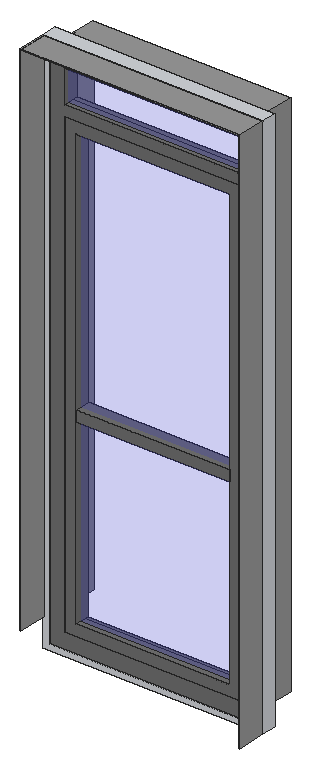
Revit family "AVLN_Балконный блок", category Окна, Revit 2021
Family settings
  Основа = Стена
  Номер OmniClass = 23.30.20.00
  Заголовок OmniClass = Windows
  Всегда вертикально = Да
  При загрузке вырезать с полостями = Нет
  Общий = Нет
  Точка принадлежности помещению = Нет
Parameters (values of type "Для Копирования!")
  Ширина среднействорки = 400 mm
  Ширина рамы двери = 50 mm
  Ширина рамы = 70 mm
  Ширина окна = 1800 mm
  Ширина импоста = 50 mm
  Четверть слева/справа = 50 mm
  Четверть окна снизу = 50 mm
  Четверть низ = 0 mm  # constant formula
  Черверть верх = 50 mm
  Фрамуга_Ширина = Width - (Монтажный зазор_Слева + Монтажный зазор_Справа + Ширина рамы * 2)  # 800 mm
  Фрамуга_Высота = Height - (Дверь_Высота + Монтажный зазор_Снизу + Монтажный зазор_Сверху + Ширина рамы * 2 + Ширина импоста)  # 150 mm
  Толщина основы [instance] = 300 mm
  Створка_толщина = 25 mm  # constant formula
  Rough Width = Width - Монтажный зазор_Слева - Монтажный зазор_Справа  # 940 mm
  Rough Height = Height - Монтажный зазор_Сверху - Монтажный зазор_Снизу  # 2440 mm
  Подстановочный профиль_Ширина = 20 mm  # constant formula
  Подстановочный профиль_Толщина = 50 mm
  Подоконник_Толщина = 20 mm
  Подоконник_Длина = Ширина окна + Ширина рамы * 2 + (Монтажный зазор_Слева + Монтажный зазор_Справа) / 2  # 1970 mm
  Подоконник_Глубина = 190 mm
  Подоконник = no
  Отступ.доп.части_Н = Ширина окна + Ширина импоста  # 1850 mm
  Отступ.доп.части_В = Ширина окна + Ширина импоста + (Монтажный зазор_Слева + Монтажный зазор_Справа) / 2  # 1880 mm
  Отлив_Толщина = 1 mm  # constant formula
  Отлив_Длина = (Ширина окна + Ширина рамы * 2 + (Монтажный зазор_Слева + Монтажный зазор_Справа) / 2) - [Четверть слева/справа]  # 1920 mm
  Отлив_Глубина = 200 mm
  Отлив = no
  Открывание фрамуга = АВЛН_Створка открывная : Створка глухая
  Открывание окно = АВЛН_Створка открывная : Створка глухая
  Откос_Н.Ширина = ADSK_Размер_Ширина - 2 * [Четверть слева/справа]  # 900 mm
  Откос_Н.Толщина.8 = 32 mm
  Откос_Н.Толщина.7 = 28 mm
  Откос_Н.Толщина.6 = 24 mm
  Откос_Н.Толщина.5 = 20 mm
  Откос_Н.Толщина.4 = 16 mm
  Откос_Н.Толщина.3 = 12 mm
  Откос_Н.Толщина.2 = 8 mm
  Откос_Н.Толщина.1 = 4 mm
  Откос_Н.Отступ_П = ADSK_Размер_Высота - (Монтажный зазор_Справа + 2 * Ширина рамы + Высота окна)  # 130 mm
  Откос_Н.Отступ_Л = Монтажный зазор_Слева  # 30 mm
  Откос_Н.Отступ от уровня = Монтажный зазор_Снизу  # 30 mm
  Откос_Н.Количество слоев = 1
  Откос_Н.Глубина = 150 mm  # constant formula
  Откос_Н.Высота = ADSK_Размер_Высота - Черверть верх  # 2450 mm
  Откос_В.Толщина.8 = 32 mm
  Откос_В.Толщина.7 = 28 mm
  Откос_В.Толщина.6 = 24 mm
  Откос_В.Толщина.5 = 20 mm
  Откос_В.Толщина.4 = 16 mm
  Откос_В.Толщина.3 = 12 mm
  Откос_В.Толщина.2 = 8 mm
  Откос_В.Толщина.1 = 4 mm
  Откос_В.Количество слоев = 1
  Откос_В.Глубина = 130 mm
  Откос.Отступ_П [instance] = ADSK_Размер_Высота - (Монтажный зазор_Справа + 2 * Ширина рамы + Высота окна)  # 130 mm
  Откос.Отступ_Л [instance] = 0 mm
  Определить тепловые свойства по = Тип схем
  Монтажный зазор_Справа = 30 mm
  Монтажный зазор_Снизу = 30 mm
  Монтажный зазор_Слева = 30 mm
  Монтажный зазор_Сверху = 30 mm
  М.Стекла = Стекло
  М.Рамы = AVLN_Материал импоста_RAL 7024
  М.Подоконный профиль = Рама
  М.Подоконник = none
  М.Откос_Н.8 = none
  М.Откос_Н.7 = none
  М.Откос_Н.6 = none
  М.Откос_Н.5 = none
  М.Откос_Н.4 = none
  М.Откос_Н.3 = none
  М.Откос_Н.2 = none
  М.Откос_Н.1 = Штукатурка наружных откосов
  М.Откос_В.8 = none
  М.Откос_В.7 = none
  М.Откос_В.6 = none
  М.Откос_В.5 = none
  М.Откос_В.4 = none
  М.Откос_В.3 = none
  М.Откос_В.2 = none
  М.Откос_В.1 = Штукатурка внутренних откосов
  М.Монтажного зазора = none
  Type Comments = ""
  Ипост высота = 900 mm
  Дверь_Ширина = 740 mm
  Дверь_Высота = 2100 mm
  Дверь.Открывание.Право = yes
  Дверь.Открывание.Лево = not(Дверь.Открывание.Право)  # no
  Дверь.Откидывание = yes
  Дверь заполнение = АВЛН_Дверь балконная : Остекленная с импостом
  Глубина вставки = 0 mm
  Высота установки ручки.Дверь = 900 mm
  Высота подоконника по умолчанию = 0 mm
  Высота окна = 2200 mm
  Height = 2500 mm
  Замыкание стены = По основе
  Width = 1000 mm
  Аналитическая конструкция = "<Нет>"
  АВЛН_Площаль откосов наружных = (ADSK_Размер_Высота * 2 + ADSK_Размер_Ширина) * 150 mm  # 0.90 m²
  АВЛН_Площаль откосов внутренних = (ADSK_Размер_Высота * 2 + ADSK_Размер_Ширина) * 180 mm  # 1.08 m²
  ADSK_Этаж [instance] = ""
  ADSK_Размер_Ширина = Width  # 1000 mm
  ADSK_Размер_Высота = Height  # 2500 mm
  ADSK_Примечание [instance] = ""
  ADSK_Обозначение = "ГОСТ 30674-99 ГОСТ 30970-2014"
  ADSK_Номер секции [instance] = ""
  ADSK_Наименование = ""
  ADSK_Марка = "ДБ-1"
  ADSK_Группирование = ""
  30/90 = yes
  -----------Разрезка----------- = "-----------"  # constant formula
  -----------Профили----------- = "-----------"  # constant formula
  -----------Подоконник----------- = "-----------"  # constant formula
  -----------Отлив----------- = "-----------"  # constant formula
  -----------Откос----------- = "-----------"  # constant formula
  -----------Основные габариты----------- = "-----------"  # constant formula
  -----------Вставка----------- = "-----------"  # constant formula
Reference planes
  plane 1 "По центру (Вперед/Назад)": y = 0
  plane 2 "По центру (Влево/Вправо)": x = 0
  plane 3 "Наружный": y = 150
  plane 4 "Внутренние": y = -150
  plane 5 "Окно": y = 150
  plane 6: y = 450
  plane 7: y = -450
  plane 8 "Внутренняя граница": y = 80
  plane 9 "336": x = 500
  plane 10 "339": z = 2500
  plane 11: z = 2470
  plane 12: x = 470
  plane 13: z = 30
  plane 14: x = 450
  plane 15: z = 1150
  plane 16: z = 2450
  plane 17 "340": z = 0
  plane 18: z = 2400
  plane 19: x = -400
  plane 20: x = -470
  plane 21: x = -500
  plane 22: x = -450
  plane 23 "343": x = 400
  plane 24: z = 2200
  plane 25: z = 100
  plane 26: z = 2250
  plane 27: z = 2325
Forms (mm)
  Extrusion 1, void
    sketch origin (0, 150, 0) x (1, 0, 0) y (0, 0, 1)
      loop
        line (500, 2500) -> (-500, 2500) -> (-500, 0) -> (500, 0) -> (500, 2500)
    from 0 to 600
  Extrusion 2, void
    sketch origin (-1890, 150, 0) x (-1, 0, 0) y (0, 0, -1)
      loop
        line (-1440, -2450) -> (-1440, 0) -> (-2340, 0) -> (-2340, -2450) -> (-1440, -2450)
    from -300 to 0
  Extrusion 3, solid, material "AVLN_Материал импоста_RAL 7024" <- "М.Рамы", detail levels medium+fine
    sketch origin (-1890, 150, 0) x (-1, 0, 0) y (0, 0, -1)
      loop
        line (-1420, -30) -> (-2360, -30) -> (-2360, -2470) -> (-1420, -2470) -> (-1420, -30)
      loop
        line (-2290, -100) -> (-2290, -2200) -> (-1490, -2200) -> (-1490, -100) -> (-2290, -100)
      loop
        line (-1490, -2400) -> (-1490, -2250) -> (-2290, -2250) -> (-2290, -2400) -> (-1490, -2400)
    from 0 to 70
  Extrusion 4, solid, material <- "М.Монтажного зазора", detail levels medium+fine
    sketch origin (-1890, -150, 0) x (-1, 0, 0) y (0, 0, -1)
      loop
        line (-2390, 0) -> (-2390, -2500) -> (-1390, -2500) -> (-1390, 0) -> (-2390, 0)
      loop
        line (-1420, -2470) -> (-1420, -30) -> (-2360, -30) -> (-2360, -2470) -> (-1420, -2470)
    from -300 to -230
Cuts and joins
  Extrusion 2 cuts Extrusion 3
  Extrusion 2 cuts Extrusion 4
Lines and regions (mm)
  reference lines
    curve 1: line (500, -150, 2225) -> (-450, -150, 2225)
    curve 2: line (500, -150, 1000) -> (-450, -150, 1000)
Text (mm)
  text "EXTERIOR" at (-1963.203, 1332.353, 0), in view "Опорный уровень"
  text "INTERIOR" at (-1981.466, -818.386, 0), in view "Опорный уровень"
  text "Наружный" at (0, 923.751, 2943.296), in view "Справа"
  text "Наружный" at (0, 1240.237, 2685.409), in view "Слева"
Dimensions and locks
  locked: plane 3 "Наружный" to host wall
  locked: plane 4 "Внутренние" to host wall
  "Глубина вставки": plane 5 "Окно" to plane 3 "Наружный"
  locked: plane 3 "Наружный" to plane 6 at 300
  locked: plane 7 to plane 4 "Внутренние" at 300
  "Ширина рамы": plane 5 "Окно" to plane 8 "Внутренняя граница"
  "Толщина основы": host wall to host wall
  "ADSK_Размер_Высота": level to plane 10 "339"
  "Монтажный зазор_Справа": plane 9 "336" to plane 12
  "Монтажный зазор_Сверху": plane 11 to plane 10 "339"
  "Четверть слева/справа": plane 9 "336" to plane 14
  "Черверть верх": plane 16 to plane 10 "339"
  "Ширина рамы": plane 18 to plane 11
  "Монтажный зазор_Слева": plane 20 to plane 21
  "Ширина рамы": plane 19 to plane 20
  "Четверть слева/справа": plane 22 to plane 21
  "Ширина рамы": plane 12 to plane 23 "343"
  equal spacing: plane 23 "343", plane 2 "По центру (Влево/Вправо)", plane 19
  equal spacing: plane 24, plane 15, plane 25
  "Ширина рамы": plane 25 to plane 13
  "Ширина импоста": plane 26 to plane 24
  equal spacing: plane 26, curve 1, plane 24
  equal spacing: plane 18, plane 27, plane 26
  "Дверь_Высота": plane 24 to plane 25
  "Width": plane 9 "336" to plane 21
  level to plane 15 to plane 10 "339" = 1150 mm, 1350 mm
  "Монтажный зазор_Снизу": level to plane 13
  aligned and locked: plane 5 "Окно" to Extrusion 1
  aligned and locked: Extrusion 1 to plane 7
  aligned and locked: Extrusion 2 sketch curve to plane 14
  aligned and locked: plane 16 to Extrusion 2 sketch curve
  aligned and locked: Extrusion 2 sketch curve to plane 17 "340"
  aligned and locked: Extrusion 2 sketch curve to plane 22
  aligned and locked: Extrusion 3 sketch curve to plane 20
  aligned and locked: plane 13 to Extrusion 3 sketch curve
  aligned and locked: Extrusion 3 sketch curve to plane 12
  aligned and locked: plane 11 to Extrusion 3 sketch curve
  aligned and locked: Extrusion 3 sketch curve to plane 19
  aligned and locked: Extrusion 4 sketch curve to plane 9 "336"
  aligned and locked: Extrusion 4 sketch curve to plane 17 "340"
  aligned and locked: plane 21 to Extrusion 4 sketch curve
  aligned and locked: plane 10 "339" to Extrusion 4 sketch curve
  aligned and locked: Extrusion 4 sketch curve to plane 11
  aligned and locked: Extrusion 4 sketch curve to plane 12
  aligned and locked: plane 13 to Extrusion 4 sketch curve
  aligned and locked: Extrusion 4 sketch curve to plane 20
  aligned and locked: plane 23 "343" to Extrusion 3
  aligned and locked: Extrusion 3 to plane 25
  aligned and locked: curve 1 to plane 9 "336"
  aligned and locked: nested 4 to plane 12
  aligned and locked: nested 3 to plane 22
  aligned and locked: Extrusion 1 sketch curve to plane 10 "339"
  aligned and locked: plane 9 "336" to Extrusion 1 sketch curve
  aligned and locked: Extrusion 1 sketch curve to plane 17 "340"
  aligned and locked: plane 27 to nested 5
  aligned and locked: plane 21 to Extrusion 1 sketch curve
  aligned and locked: nested 4 to plane 8 "Внутренняя граница"
  aligned and locked: plane 8 "Внутренняя граница" to nested 3
  aligned and locked: Extrusion 2 to plane 5 "Окно"
  aligned and locked: Extrusion 3 to plane 8 "Внутренняя граница"
  aligned and locked: plane 5 "Окно" to Extrusion 3
  aligned and locked: plane 5 "Окно" to Extrusion 4
  aligned and locked: Extrusion 4 to plane 8 "Внутренняя граница"
  aligned and locked: Extrusion 2 to plane 22
  aligned and locked: plane 14 to Extrusion 2
  aligned and locked: plane 6 to Extrusion 2
  aligned and locked: plane 15 to nested 6
  aligned and locked: plane 2 "По центру (Влево/Вправо)" to nested 6
  aligned and locked: nested 7 to plane 2 "По центру (Влево/Вправо)"
  aligned and locked: plane 10 "339" to nested 7
  aligned and locked: plane 2 "По центру (Влево/Вправо)" to nested 2
  aligned and locked: plane 2 "По центру (Влево/Вправо)" to nested 1
  aligned and locked: nested 2 to plane 5 "Окно"
  aligned and locked: plane 8 "Внутренняя граница" to nested 1
Automatic sketch dimensions
  curve 2 to plane 9 "336" = 0 mm
  Extrusion 3 sketch curve to plane 23 "343" = 0 mm  (x2)
  Extrusion 3 sketch curve to plane 19 = 0 mm
  plane 24 to curve 1 = 25 mm
  Extrusion 3 sketch curve to plane 25 = 0 mm
  Extrusion 3 sketch curve to plane 24 = 0 mm
  Extrusion 3 sketch curve to plane 26 = 0 mm
  Extrusion 3 sketch curve to plane 18 = 0 mm
  curve 2 to plane 15 = 150 mm
  curve 1 to plane 22 = 0 mm
  curve 2 to plane 22 = 0 mm
Nested families
  nested 1: "AVLN_Откосы_R19" at (0, -50, 0), Ширина <- "ADSK_Размер_Ширина", Глубина <- "Откос_В.Глубина", Высота <- "ADSK_Размер_Высота", Высота от уровня <- "Высота подоконника по умолчанию", ADSK_Группирование <- "Type Comments", ADSK_Этаж <- "ADSK_Этаж", ADSK_Номер секции <- "ADSK_Номер секции", Материал_1 <- "М.Откос_В.1", Материал_2 <- "М.Откос_В.2", Материал_3 <- "М.Откос_В.3", Материал_4 <- "М.Откос_В.4", Материал_5 <- "М.Откос_В.5", Материал_6 <- "М.Откос_В.6", Материал_7 <- "М.Откос_В.7", Материал_8 <- "М.Откос_В.8", Толщина_1 <- "Откос_В.Толщина.1", Толщина_2 <- "Откос_В.Толщина.2", Толщина_3 <- "Откос_В.Толщина.3", Толщина_4 <- "Откос_В.Толщина.4", Толщина_5 <- "Откос_В.Толщина.5", Толщина_6 <- "Откос_В.Толщина.6", Толщина_7 <- "Откос_В.Толщина.7", Толщина_8 <- "Откос_В.Толщина.8", Количество слоев <- "Откос_В.Количество слоев", Отступ_Л <- "Откос.Отступ_П", Отступ_П <- "Откос.Отступ_Л", Отступ.доп.части <- "Отступ.доп.части_В", type "AVLN_Откосы_R19"
    with Ширина_8 776 mm, Ширина_7 832 mm, Ширина_6 880 mm, Ширина_5 920 mm, Ширина_4 952 mm, Ширина_3 976 mm, Ширина_2 992 mm, Ширина 1000 mm, Толщина_8 32 mm, Толщина_7 28 mm, Толщина_6 24 mm, Толщина_5 20 mm, Толщина_4 16 mm, Толщина_3 12 mm, Толщина_2 8 mm, Толщина_1 4 mm, Отступ_П 0 mm, Отступ_Л 130 mm, Отступ.доп.части 1880 mm, Материал_8 none, Материал_7 none, Материал_6 none, Материал_5 none, Материал_4 none, Материал_3 none, Материал_2 none, Материал_1 Штукатурка внутренних откосов, Количество слоев 1, Глубина 130 mm, Высота_8 2388 mm, Высота_7 2416 mm, Высота_6 2440 mm, Высота_5 2460 mm, Высота_4 2476 mm, Высота_3 2488 mm, Высота_2 2496 mm, Высота.доп.части 0 mm, Высота от уровня 0 mm, Высота 2500 mm, Видимость_8 no, Видимость_7 no, Видимость_6 no, Видимость_5 no, Видимость_4 no, Видимость_3 no, Видимость_2 no, Видимость_1 yes, Видимость.доп.части yes, ВД.8 no, ВД.7 no, ВД.6 no, ВД.5 no, ВД.4 no, ВД.3 no, ВД.2 no, ВД.1 yes, ADSK_Этаж "", ADSK_Номер секции "", ADSK_Группирование ""
  nested 2: "AVLN_Откосы_R19" at (0, 150, 0), Ширина <- "Откос_Н.Ширина", Глубина <- "Откос_Н.Глубина", Высота <- "Откос_Н.Высота", Высота от уровня <- "Откос_Н.Отступ от уровня", ADSK_Группирование <- "Type Comments", ADSK_Этаж <- "ADSK_Этаж", ADSK_Номер секции <- "ADSK_Номер секции", Материал_1 <- "М.Откос_Н.1", Материал_2 <- "М.Откос_Н.2", Материал_3 <- "М.Откос_Н.3", Материал_4 <- "М.Откос_Н.4", Материал_5 <- "М.Откос_Н.5", Материал_6 <- "М.Откос_Н.6", Материал_7 <- "М.Откос_Н.7", Материал_8 <- "М.Откос_Н.8", Толщина_1 <- "Откос_Н.Толщина.1", Толщина_2 <- "Откос_Н.Толщина.2", Толщина_3 <- "Откос_Н.Толщина.3", Толщина_4 <- "Откос_Н.Толщина.4", Толщина_5 <- "Откос_Н.Толщина.5", Толщина_6 <- "Откос_Н.Толщина.6", Толщина_7 <- "Откос_Н.Толщина.7", Толщина_8 <- "Откос_Н.Толщина.8", Количество слоев <- "Откос_Н.Количество слоев", Отступ_Л <- "Откос_Н.Отступ_П", Отступ_П <- "Откос_Н.Отступ_Л", Отступ.доп.части <- "Отступ.доп.части_Н", type "AVLN_Откосы_R19"
    with Ширина_8 676 mm, Ширина_7 732 mm, Ширина_6 780 mm, Ширина_5 820 mm, Ширина_4 852 mm, Ширина_3 876 mm, Ширина_2 892 mm, Ширина 900 mm, Толщина_8 32 mm, Толщина_7 28 mm, Толщина_6 24 mm, Толщина_5 20 mm, Толщина_4 16 mm, Толщина_3 12 mm, Толщина_2 8 mm, Толщина_1 4 mm, Отступ_П 30 mm, Отступ_Л 130 mm, Отступ.доп.части 1850 mm, Материал_8 none, Материал_7 none, Материал_6 none, Материал_5 none, Материал_4 none, Материал_3 none, Материал_2 none, Материал_1 Штукатурка наружных откосов, Количество слоев 1, Глубина 150 mm, Высота_8 2338 mm, Высота_7 2366 mm, Высота_6 2390 mm, Высота_5 2410 mm, Высота_4 2426 mm, Высота_3 2438 mm, Высота_2 2446 mm, Высота.доп.части 0 mm, Высота от уровня 30 mm, Высота 2450 mm, Видимость_8 no, Видимость_7 no, Видимость_6 no, Видимость_5 no, Видимость_4 no, Видимость_3 no, Видимость_2 no, Видимость_1 yes, Видимость.доп.части yes, ВД.8 no, ВД.7 no, ВД.6 no, ВД.5 no, ВД.4 no, ВД.3 no, ВД.2 no, ВД.1 yes, ADSK_Этаж "", ADSK_Номер секции "", ADSK_Группирование ""
  nested 3: "АС-Обозначение на плане двупольная" at (-450, 80, 0) x (-1, 0, 0) z (0, 0, 1), Коробка.Толщина <- "Ширина рамы", Коробка.Ширина <- "Ширина импоста", Rough Width <- "Дверь_Ширина", Height <- "Дверь_Высота", visible <- "Дверь.Открывание.Лево", type "АС-Стандарт"
    with Width 791 mm, built-in parameter 1001302 50 mm, Rough Width 740 mm, Монтажный зазор.Ширина сбоку 1 mm, Коробка.Ширина 50 mm, Коробка.Толщина 70 mm, Height 2100 mm
  nested 4: "АС-Обозначение на плане двупольная" at (470, 80, 0), Коробка.Толщина <- "Ширина рамы", Коробка.Ширина <- "Ширина импоста", Rough Width <- "Дверь_Ширина", Height <- "Дверь_Высота", visible <- "Дверь.Открывание.Право", type "АС-Стандарт"
    with Width 791 mm, built-in parameter 1001302 50 mm, Rough Width 740 mm, Монтажный зазор.Ширина сбоку 1 mm, Коробка.Ширина 50 mm, Коробка.Толщина 70 mm, Height 2100 mm
  nested 5: "АВЛН_Створка открывная" at (0, 80, 2325) x (1, 0, 0) z (0, 1, 0), Створка высота <- "Фрамуга_Высота", Створка ширина <- "Фрамуга_Ширина", Ширина рамы <- "Створка_толщина", type <- "Открывание фрамуга", Материал_Рама <- "М.Рамы", Материал_Стеклопакет <- "М.Стекла", Материал_Ручки <- "М.Рамы", type "Створка глухая", detail levels medium+fine
    with Ширина рамы 25 mm, Створка ширина 800 mm, Створка высота 150 mm, Материал_Стеклопакет Стекло, Материал_Ручки AVLN_Материал импоста_RAL 7024, Материал_Рама AVLN_Материал импоста_RAL 7024, Width 600 mm, Height 1150 mm
  nested 6: "АВЛН_Дверь балконная" at (0, 150, 1150) x (-1, 0, 0) z (0, -1, 0), Дверь высота <- "Дверь_Высота", Дверь ширина <- "Фрамуга_Ширина", Ручка высота <- "Высота установки ручки.Дверь", Импост высота <- "Ипост высота", Импост ширина <- "Ширина импоста", Корбка толщина <- "Ширина рамы двери", type <- "Дверь заполнение", Правая <- "Дверь.Открывание.Лево", Левая <- "Дверь.Открывание.Право", Откидная <- "Дверь.Откидывание", М.ПП <- "М.Рамы", М.Р <- "М.Рамы", М.С <- "М.Стекла", type "Остекленная с импостом", detail levels medium+fine
    with Ручка высота 900 mm, Правая no, Откидная yes, М.С Стекло, М.Р AVLN_Материал импоста_RAL 7024, М.ПП AVLN_Материал импоста_RAL 7024, Левая yes, Корбка толщина 50 mm, Импост ширина 50 mm, Импост высота 900 mm, Дверь ширина 800 mm, Дверь высота 2100 mm
  nested 7: "AVLN_Обозначение проема" at (0, 150, 1250) x (0, 0, -1) z (0, -1, 0), ADSK_Размер_Высота <- "ADSK_Размер_Ширина", ADSK_Размер_Ширина <- "ADSK_Размер_Высота", type "AVLN_Обозначение проема", detail levels coarse
    with Длина 200 mm, ADSK_Размер_Ширина 2500 mm, ADSK_Размер_Высота 1000 mm
  nested 8: "Откос_R19" at (0, 15, 0), type "Откос_R19"
    with Площадь 0.78 m², Отступ_П 0 mm, Отступ_Л 130 mm, Материал Штукатурка внутренних откосов, Видимость yes, ADSK_Этаж "", ADSK_Размер_Ширина 1000 mm, ADSK_Размер_Толщина 4 mm, ADSK_Размер_Глубина 130 mm, ADSK_Размер_Высота 2500 mm, ADSK_Номер секции "", ADSK_Группирование ""
  nested 9: "Откос_R19" at (0, 225, 30), type "Откос_R19"
    with Площадь 0.87 m², Отступ_П 30 mm, Отступ_Л 130 mm, Материал Штукатурка наружных откосов, Видимость yes, ADSK_Этаж "", ADSK_Размер_Ширина 900 mm, ADSK_Размер_Толщина 4 mm, ADSK_Размер_Глубина 150 mm, ADSK_Размер_Высота 2450 mm, ADSK_Номер секции "", ADSK_Группирование ""
Definition of nested family "АВЛН_Створка открывная"
  Parameters (values of type "Створка повороно-откидная правая")
    Ширина рамы [instance] = 50 mm
    Width = 1600 mm
    Створка ширина [instance] = 800 mm
    Створка высота [instance] = 700 mm
    Define Thermal Properties by = 1
    Материал_Стеклопакет [instance] = none
    Поворотная Правая = yes
    Поворотная Левая = no
    Default Elevation = 1200 mm
    Открываная = yes
    Откидная = yes
    Материал_Ручки [instance] = none
    Материал_Рама [instance] = none
    Левая = yes
    Глухое = no
    Height = 1800 mm
    Analytic Construction = "<Нет>"
  Types (6, lengths in mm): name | Поворотная Правая | Поворотная Левая | Default Elevation | Открываная | Откидная | Глухое
    Створка повороно-откидная правая | yes | no | 1200 | yes | yes | no
    Створка повороно-откидная левая | no | yes | 1219.2 | yes | yes | no
    Створка глухая | no | no | 1219.2 | no | no | yes
    Створка откидная | no | no | 1219.2 | yes | yes | no
    Створка поворотная правая | yes | no | 1219.2 | yes | no | no
    Створка поворотная левая | no | yes | 1219.2 | yes | no | no
  Reference planes
    plane 1 "По центру (Вперед/Назад)": y = 0
    plane 2 "Внутрення грань": z = 0
    plane 3 "По центру (Влево/Вправо)": x = 0
    plane 4: y = 350
    plane 5: x = 400
    plane 6: y = -350
    plane 7: x = -400
    plane 8 "Наружняя грань": z = 60.433
    plane 9 "По центру Л/Р": z = 30.216
  Forms (mm)
    Extrusion 1, solid
      sketch origin (0, 0, 0) x (1, 0, 0) y (0, 1, 0)
        loop
          line (-1219.2, 1219.2) -> (-1219.2, -1219.2) -> (1219.2, -1219.2) -> (1219.2, 1219.2) -> (-1219.2, 1219.2)
      from 0 to -304.8
    Sweep 2, solid, material <- "Материал_Рама", visible <- "Открываная"
      path origin (0, 0, 0) x (1, 0, 0) y (0, 1, 0)
        loop
          line (400, 350) -> (-400, 350) -> (-400, -350) -> (400, -350) -> (400, 350)
      profile origin (0, 350, 0) x (0, -1, 0) y (0, 0, 1)
        loop
          line (0, 0) -> (50, 0) -> (50, 60.433) -> (0, 60.433) -> (0, 0)
    Extrusion 3, solid, material <- "Материал_Стеклопакет", visible <- "Открываная"
      sketch origin (0, 0, 0) x (1, 0, 0) y (0, 1, 0)
        loop
          line (-350, 300) -> (-350, -300) -> (350, -300) -> (350, 300) -> (-350, 300)
      from 17.481 to 42.952
    Extrusion 4, solid, material <- "Материал_Стеклопакет", visible <- "Глухое"
      sketch origin (0, 0, 0) x (1, 0, 0) y (0, 1, 0)
        loop
          line (-400, 350) -> (-400, -350) -> (400, -350) -> (400, 350) -> (-400, 350)
      from 17.481 to 42.952
  Lines and regions (mm)
    model lines, visible <- "Глухое", detail levels medium+fine
      curve 1: line (0, 50, 60.433) -> (0, -50, 60.433)
      curve 2: line (50, 0, 60.433) -> (-50, 0, 60.433)
      curve 17: line (0, 50, 0) -> (0, -50, 0)
      curve 18: line (50, 0, 0) -> (-50, 0, 0)
    model lines, visible <- "Глухое", not visible, detail levels medium+fine
      curve 3: line (60, 38.001, 60.433) -> (60, -61.999, 60.433)
      curve 4: line (110, -11.999, 60.433) -> (10, -11.999, 60.433)
    model lines, visible <- "Поворотная Левая", detail levels medium+fine
      curve 5: line (400, 350, 0) -> (-400, 0, 0)
      curve 6: line (400, -350, 0) -> (-400, 0, 0)
      curve 13: line (400, 350, 60.433) -> (-400, 0, 60.433)
      curve 14: line (400, -350, 60.433) -> (-400, 0, 60.433)
    model lines, visible <- "Откидная", detail levels medium+fine
      curve 7: line (-400, -350, 0) -> (0, 350, 0)
      curve 8: line (0, 350, 0) -> (400, -350, 0)
      curve 15: line (-400, -350, 60.433) -> (0, 350, 60.433)
      curve 16: line (0, 350, 60.433) -> (400, -350, 60.433)
    model lines, visible <- "Поворотная Правая", detail levels medium+fine
      curve 9: line (-400, 350, 0) -> (400, 0, 0)
      curve 10: line (-400, -350, 0) -> (400, 0, 0)
      curve 11: line (-400, 350, 60.433) -> (400, 0, 60.433)
      curve 12: line (-400, -350, 60.433) -> (400, 0, 60.433)
  Dimensions and locks
    "Створка высота": plane 4 to plane 6
    "Створка ширина": plane 7 to plane 5
    equal spacing: plane 7, plane 3 "По центру (Влево/Вправо)", plane 5
    equal spacing: plane 6, plane 1 "По центру (Вперед/Назад)", plane 4
    plane 2 "Внутрення грань" to plane 8 "Наружняя грань" = 60.433 mm
    level to Extrusion 4 = 42.952 mm
    plane 8 "Наружняя грань" to level = 60.433 mm
    equal spacing: Extrusion 3, plane 9 "По центру Л/Р", Extrusion 3
    equal spacing: plane 8 "Наружняя грань", plane 9 "По центру Л/Р", level
    Extrusion 3 to Extrusion 3 = 25.471 mm
    "Ширина рамы": profile plane to Sweep 2 sketch curve
    equal spacing: Extrusion 4, plane 9 "По центру Л/Р", Extrusion 4, locked at 12.735 each
    locked: Extrusion 4 to Extrusion 4 at 25.471
    equal spacing: Sweep 2, nested 1, Sweep 2
    equal spacing: Sweep 2, nested 2, Sweep 2
    aligned and locked: plane 2 "Внутрення грань" to Extrusion 1
    aligned and locked: level to Extrusion 1
    aligned and locked: plane 4 to Sweep 2 sketch curve
    aligned and locked: plane 5 to Sweep 2 sketch curve
    aligned and locked: plane 6 to Sweep 2 sketch curve
    aligned and locked: Sweep 2 sketch curve to plane 7
    aligned and locked: Extrusion 3 sketch curve to Sweep 2  (x4)
    aligned and locked: Extrusion 4 sketch curve to Sweep 2  (x3)
    aligned and locked: Extrusion 4 sketch curve to plane 5
    aligned and locked: Sweep 2 sketch curve to plane 8 "Наружняя грань"
    aligned and locked: plane 6 to Extrusion 4
    aligned and locked: plane 4 to Extrusion 4
    aligned and locked: curve 2 to plane 1 "По центру (Вперед/Назад)"
    aligned and locked: curve 1 to plane 3 "По центру (Влево/Вправо)"
    aligned and locked: curve 18 to plane 1 "По центру (Вперед/Назад)"
    aligned and locked: curve 17 to plane 3 "По центру (Влево/Вправо)"
    aligned and locked: nested 2 to plane 1 "По центру (Вперед/Назад)"
    aligned and locked: nested 1 to plane 1 "По центру (Вперед/Назад)"
  Automatic sketch dimensions
    Extrusion 1 sketch curve to Extrusion 1 sketch curve = 2438.4 mm  (x2)
    plane 1 "По центру (Вперед/Назад)" to curve 5 = 0 mm
    curve 5 to plane 7 = 0 mm
    curve 9 to plane 4 = 0 mm
    curve 9 to plane 7 = 0 mm
    plane 6 to curve 7 = 0 mm
    curve 7 to plane 7 = 0 mm
    curve 7 to plane 3 "По центру (Влево/Вправо)" = 0 mm
    curve 6 to plane 5 = 0 mm
    plane 1 "По центру (Вперед/Назад)" to curve 9 = 0 mm
    curve 9 to plane 5 = 0 mm
    curve 5 to plane 4 = 0 mm
    curve 5 to plane 5 = 0 mm
    plane 6 to curve 8 = 0 mm
    curve 8 to plane 4 = 0 mm
    curve 11 to plane 4 = 0 mm
    curve 11 to plane 7 = 0 mm
    plane 6 to curve 15 = 0 mm
    curve 15 to plane 7 = 0 mm
    plane 1 "По центру (Вперед/Назад)" to curve 14 = 0 mm
    curve 14 to plane 7 = 0 mm
    curve 15 to plane 3 "По центру (Влево/Вправо)" = 0 mm
    plane 1 "По центру (Вперед/Назад)" to curve 11 = 0 mm
    curve 11 to plane 5 = 0 mm
    curve 14 to plane 5 = 0 mm
    curve 13 to plane 4 = 0 mm
    curve 13 to plane 5 = 0 mm
    plane 6 to curve 14 = 0 mm
    curve 15 to plane 4 = 0 mm
    plane 1 "По центру (Вперед/Назад)" to curve 2 = 0 mm
    curve 1 to plane 3 "По центру (Влево/Вправо)" = 0 mm
    curve 2 to plane 3 "По центру (Влево/Вправо)" = 50 mm
    plane 3 "По центру (Влево/Вправо)" to curve 2 = 50 mm
    plane 1 "По центру (Вперед/Назад)" to curve 1 = 50 mm
    curve 1 to plane 1 "По центру (Вперед/Назад)" = 50 mm
    curve 18 to curve 17 = 50 mm
    curve 17 to curve 18 = 50 mm
    plane 1 "По центру (Вперед/Назад)" to curve 17 = 50 mm
    curve 17 to plane 1 "По центру (Вперед/Назад)" = 50 mm
    Sweep 2 sketch curve to level = 0 mm
    Sweep 2 sketch curve to profile plane = 0 mm
  Nested families
    nested 1: "АВЛН_Ручка" at (375, 1040, 0) x (1, 0, 0) z (0, -1, 0), visible <- "Поворотная Правая", Материал дверной ручки <- "Материал_Рама", type "АВЛН_Ручка", detail levels fine
      with Материал дверной ручки none, Высота расположения дверной ручки 1040 mm
    nested 2: "АВЛН_Ручка" at (-375, 1040, 0) x (1, 0, 0) z (0, -1, 0), visible <- "Поворотная Левая", Материал дверной ручки <- "Материал_Рама", type "АВЛН_Ручка", detail levels fine
      with Материал дверной ручки none, Высота расположения дверной ручки 1040 mm
  Definition of nested family "АВЛН_Ручка"
    Parameters (values of type "АВЛН_Ручка")
      Default Elevation = 1219.2 mm
      Материал дверной ручки [instance] = none
      Высота расположения дверной ручки [instance] = 1040 mm
      Analytic Construction = "<Нет>"
      b = 25 mm
      a = 75 mm
    Reference planes
      plane 1 "По центру (Вперед/Назад)": y = 0
      plane 2: z = 0
      plane 3 "По центру (Влево/Вправо)": x = 0
      plane 4: z = 1040
      plane 5: x = 12.5
      plane 6: x = -12.5
      plane 7: z = 1002.5
      plane 8: z = 1077.5
      plane 9: y = -15
    Forms (mm)
      Extrusion 1, solid, material <- "Материал дверной ручки"
        sketch origin (0, 0, 2080) x (-1, 0, 0) y (0, 0, -1)
          loop
            arc (-2.5, 1077.5) -> (-9.571, 1074.571) -> (-12.5, 1067.5) r 10
            line (-12.5, 1067.5) -> (-12.5, 1012.5)
            arc (-12.5, 1012.5) -> (-9.571, 1005.429) -> (-2.5, 1002.5) r 10
            line (-2.5, 1002.5) -> (2.5, 1002.5)
            arc (2.5, 1002.5) -> (9.571, 1005.429) -> (12.5, 1012.5) r 10
            line (12.5, 1012.5) -> (12.5, 1067.5)
            arc (12.5, 1067.5) -> (9.571, 1074.571) -> (2.5, 1077.5) r 10
            line (2.5, 1077.5) -> (-2.5, 1077.5)
        from 0 to 15
      Sweep 2, solid, material <- "Материал дверной ручки"
        path origin (-1040, 0, 1040) x (0, 0, -1) y (0, 1, 0)
          loop
            line (0, -15) -> (0, -38.261)
            arc (0, -38.261) -> (-2.929, -45.332) -> (-10, -48.261) r 10
            line (-10, -48.261) -> (-130, -48.261)
        profile origin (-1040, -26.63, 1040) x (0, 0, -1) y (1, 0, 0)
          loop
            circle (0, 1040) r 8
    Dimensions and locks
      "Высота расположения дверной ручки": plane 4 to level
      "a": plane 7 to plane 8
      "b": plane 6 to plane 5
      plane 6 to plane 5 = 25 mm
      locked: plane 1 "По центру (Вперед/Назад)" to plane 9 at 15
      plane 7 to plane 8 = 75 mm
      aligned and locked: level to plane 2
      aligned and locked: Extrusion 1 sketch curve to plane 7
      aligned and locked: plane 5 to Extrusion 1 sketch curve
      aligned and locked: plane 8 to Extrusion 1 sketch curve
      aligned and locked: Extrusion 1 sketch curve to plane 6
      aligned and locked: Extrusion 1 to plane 1 "По центру (Вперед/Назад)"
    Automatic sketch dimensions
      Sweep 2 sketch curve to plane 9 = 0 mm
      plane 4 to Sweep 2 sketch curve = 10 mm
      plane 9 to Sweep 2 sketch curve = 23.261 mm
      Sweep 2 sketch curve to Sweep 2 sketch curve = 120 mm
      Sweep 2 sketch curve to profile plane = 0 mm
      profile plane to Sweep 2 sketch curve = 1040 mm
      Sweep 2 sketch curve to plane 4 = 0 mm
      plane 3 "По центру (Влево/Вправо)" to Extrusion 1 sketch curve = 2.5 mm  (x2)
      Extrusion 1 sketch curve to plane 3 "По центру (Влево/Вправо)" = 2.5 mm  (x2)
      radius of Sweep 2 sketch curve = 8 mm
Definition of nested family "АВЛН_Дверь балконная"
  Parameters (values of type "Остекленная")
    Width = 740 mm
    Стекло заполнение сверху = no
    Стекло сплошное заполнение = yes
    Ручка высота [instance] = 985 mm
    Правая [instance] = no
    Default Elevation = 0 mm
    Откидная [instance] = no
    Define Thermal Properties by = 1
    М.С [instance] = none
    М.Р [instance] = none
    М.ПП [instance] = none
    Левая [instance] = no
    Корбка толщина [instance] = 25 mm
    Импост ширина [instance] = 50 mm
    Импост высота [instance] = 1050 mm
    Импост = no
    Дверь ширина [instance] = 1050 mm
    Дверь высота [instance] = 2100 mm
    Глухое заполнение снизу = no
    Height = 2100 mm
    Analytic Construction = "<Нет>"
  Types (3, lengths in mm): name | Стекло заполнение сверху | Стекло сплошное заполнение | Импост | Глухое заполнение снизу
    Глухое заполнение снизу | yes | no | yes | yes
    Остекленная с импостом | no | yes | yes | no
    Остекленная | no | yes | no | no
  Reference planes
    plane 1 "По центру (Вперед/Назад)": y = 0
    plane 2: z = 0
    plane 3 "По центру (Влево/Вправо)": x = 0
    plane 4: y = 1050
    plane 5 "Основание двери": y = -1050
    plane 6: x = 525
    plane 7: x = -525
    plane 8: y = 0
    plane 9: y = 25
    plane 10: y = -25
    plane 11: x = 500
    plane 12: y = -1025
    plane 13: x = -500
    plane 14: y = 1025
    plane 15: z = 70
    plane 16: y = -65
  Forms (mm)
    Extrusion 1, solid
      sketch origin (0, 0, 0) x (1, 0, 0) y (0, 1, 0)
        loop
          line (-1970, 1440) -> (-1970, -1672.46) -> (1957.193, -1672.46) -> (1957.193, 1440) -> (-1970, 1440)
      from 0 to -304.8
    Extrusion 2, solid, material <- "М.Р", visible <- "Импост", detail levels medium+fine
      sketch origin (-467.888, -159.945, 0) x (1, 0, 0) y (0, 1, 0)
        loop
          line (-32.112, 184.945) -> (-32.112, 134.945) -> (967.888, 134.945) -> (967.888, 184.945) -> (-32.112, 184.945)
      from 0 to 70
    Extrusion 3, solid, material <- "М.Р", detail levels medium+fine
      sketch origin (-467.888, -61.043, 0) x (1, 0, 0) y (0, 1, 0)
        loop
          line (-57.112, -988.957) -> (992.888, -988.957) -> (992.888, 1111.043) -> (-57.112, 1111.043) -> (-57.112, -988.957)
        loop
          line (-32.112, 1086.043) -> (-32.112, -963.957) -> (967.888, -963.957) -> (967.888, 1086.043) -> (-32.112, 1086.043)
      from 0 to 70
    Extrusion 4, solid, material <- "М.С", visible <- "Стекло заполнение сверху", detail levels medium+fine
      sketch origin (1132.112, 87.618, 0) x (1, 0, 0) y (0, 1, 0)
        loop
          line (-1632.112, 937.382) -> (-1632.112, -62.618) -> (-632.112, -62.618) -> (-632.112, 937.382) -> (-1632.112, 937.382)
      from 20 to 45
    Extrusion 5, solid, material <- "М.Р", visible <- "Глухое заполнение снизу", detail levels medium+fine
      sketch origin (-489.421, 311.882, 0) x (1, 0, 0) y (0, 1, 0)
        loop
          line (-10.579, -336.882) -> (-10.579, -1336.882) -> (989.421, -1336.882) -> (989.421, -336.882) -> (-10.579, -336.882)
      from 20 to 45
    Extrusion 6, solid, material <- "М.С", visible <- "Стекло сплошное заполнение", detail levels medium+fine
      sketch origin (932.112, 7.618, 0) x (1, 0, 0) y (0, 1, 0)
        loop
          line (-1432.112, 1017.382) -> (-1432.112, -1032.618) -> (-432.112, -1032.618) -> (-432.112, 1017.382) -> (-1432.112, 1017.382)
      from 20 to 45
  Lines and regions (mm)
    model lines, visible <- "Правая", detail levels medium+fine
      curve 1: line (500, 1025, 45) -> (-500, 0, 45)
      curve 2: line (500, -1025, 45) -> (-500, 0, 45)
      curve 9: line (500, 1025, 20) -> (-500, 0, 20)
      curve 10: line (500, -1025, 20) -> (-500, 0, 20)
    model lines, visible <- "Откидная", detail levels medium+fine
      curve 3: line (-500, -1025, 45) -> (0, 1025, 45)
      curve 4: line (0, 1025, 45) -> (500, -1025, 45)
      curve 11: line (-500, -1025, 20) -> (0, 1025, 20)
      curve 12: line (0, 1025, 20) -> (500, -1025, 20)
    model lines, visible <- "Левая", detail levels medium+fine
      curve 5: line (-500, 1025, 45) -> (500, 0, 45)
      curve 6: line (-500, -1025, 45) -> (500, 0, 45)
      curve 7: line (-500, 1025, 20) -> (500, 0, 20)
      curve 8: line (-500, -1025, 20) -> (500, 0, 20)
    symbolic lines, not visible, detail levels medium+fine
      curve 13: line (873.016, 510.662, 0) -> (1073.016, 510.662, 0)
      curve 14: line (973.016, 410.662, 0) -> (973.016, 610.662, 0)
      curve 15: line (2093.378, 460, 0) -> (2293.378, 460, 0)
      curve 16: line (2193.378, 360, 0) -> (2193.378, 560, 0)
      curve 17: line (-767.079, 635.2, 0) -> (-567.079, 635.2, 0)
      curve 18: line (-667.079, 535.2, 0) -> (-667.079, 735.2, 0)
  Dimensions and locks
    equal spacing: plane 7, plane 3 "По центру (Влево/Вправо)", plane 6
    equal spacing: plane 5 "Основание двери", plane 1 "По центру (Вперед/Назад)", plane 4
    "Дверь высота": plane 4 to plane 5 "Основание двери"
    "Дверь ширина": plane 7 to plane 6
    "Импост высота": plane 8 to plane 5 "Основание двери"
    equal spacing: plane 9, plane 8, plane 10
    "Импост ширина": plane 9 to plane 10
    "Корбка толщина": plane 4 to plane 14
    "Корбка толщина": plane 12 to plane 5 "Основание двери"
    "Корбка толщина": plane 11 to plane 6
    "Корбка толщина": plane 7 to plane 13
    Extrusion 6 to plane 15 = 25 mm
    locked: Extrusion 4 to plane 15 at 25
    plane 11 to plane 6 = 25 mm
    plane 7 to plane 13 = 25 mm
    "Ручка высота": plane 16 to plane 5 "Основание двери"
    aligned and locked: Extrusion 1 to plane 2
    aligned and locked: Extrusion 1 to level
    aligned and locked: plane 9 to Extrusion 2
    aligned and locked: Extrusion 2 to plane 10
    aligned and locked: plane 4 to Extrusion 3
    aligned and locked: Extrusion 3 to plane 14
    aligned and locked: plane 6 to Extrusion 3
    aligned and locked: Extrusion 3 to plane 11
    aligned and locked: Extrusion 3 to plane 5 "Основание двери"
    aligned and locked: plane 12 to Extrusion 3
    aligned and locked: Extrusion 3 to plane 7
    aligned and locked: plane 13 to Extrusion 3
    aligned and locked: plane 11 to Extrusion 2
    aligned and locked: Extrusion 2 to plane 13
    aligned and locked: plane 14 to Extrusion 6
    aligned and locked: Extrusion 6 to plane 13
    aligned and locked: Extrusion 6 to plane 12
    aligned and locked: plane 11 to Extrusion 6
    aligned and locked: plane 14 to Extrusion 4
    aligned and locked: Extrusion 4 to plane 13
    aligned and locked: plane 11 to Extrusion 4
    aligned and locked: Extrusion 4 to plane 9
    aligned and locked: plane 13 to curve 5
    aligned and locked: plane 14 to curve 5
    aligned and locked: plane 14 to curve 7
    aligned and locked: plane 13 to curve 7
    aligned and locked: plane 11 to curve 5
    aligned and locked: plane 1 "По центру (Вперед/Назад)" to curve 5
    aligned and locked: plane 11 to curve 7
    aligned and locked: plane 1 "По центру (Вперед/Назад)" to curve 7
    aligned and locked: Extrusion 3 to Extrusion 2
    aligned and locked: Extrusion 2 to level
    aligned and locked: Extrusion 3 to level
    aligned and locked: Extrusion 3 sketch curve to plane 11
    aligned and locked: Extrusion 3 sketch curve to plane 6
    aligned and locked: plane 7 to Extrusion 3 sketch curve
    aligned and locked: Extrusion 3 sketch curve to plane 13
    aligned and locked: Extrusion 3 sketch curve to plane 5 "Основание двери"
    aligned and locked: Extrusion 3 sketch curve to plane 12
    aligned and locked: Extrusion 3 sketch curve to plane 4
    aligned and locked: Extrusion 3 sketch curve to plane 14
    aligned and locked: Extrusion 4 sketch curve to plane 13
    aligned and locked: Extrusion 4 sketch curve to plane 14
    aligned and locked: Extrusion 4 sketch curve to plane 11
    aligned and locked: Extrusion 4 sketch curve to plane 9
    aligned and locked: Extrusion 6 sketch curve to plane 14
    aligned and locked: Extrusion 6 sketch curve to plane 12
    aligned and locked: Extrusion 6 sketch curve to plane 11
    aligned and locked: Extrusion 6 sketch curve to plane 13
    aligned and locked: Extrusion 2 sketch curve to plane 11
    aligned and locked: Extrusion 2 sketch curve to plane 13
    aligned and locked: Extrusion 2 sketch curve to plane 9
    aligned and locked: Extrusion 2 sketch curve to plane 10
    aligned and locked: Extrusion 5 sketch curve to plane 11
    aligned and locked: Extrusion 5 sketch curve to plane 10
    aligned and locked: Extrusion 5 sketch curve to plane 13
    aligned and locked: Extrusion 5 sketch curve to plane 12
  Automatic sketch dimensions
    Extrusion 1 sketch curve to Extrusion 1 sketch curve = 3927.193 mm
    Extrusion 1 sketch curve to Extrusion 1 sketch curve = 3112.46 mm
    curve 1 to plane 11 = 0 mm
    curve 2 to plane 11 = 0 mm
    curve 4 to plane 3 "По центру (Влево/Вправо)" = 0 mm
    plane 1 "По центру (Вперед/Назад)" to curve 1 = 0 mm
    curve 1 to plane 13 = 0 mm
    curve 6 to plane 12 = 0 mm
    curve 6 to plane 13 = 0 mm
    curve 1 to plane 14 = 0 mm
    curve 4 to plane 14 = 0 mm
    curve 4 to plane 12 = 0 mm
    curve 10 to plane 11 = 0 mm
    curve 9 to plane 11 = 0 mm
    curve 11 to plane 3 "По центру (Влево/Вправо)" = 0 mm
    curve 11 to plane 12 = 0 mm
    curve 11 to plane 13 = 0 mm
    plane 1 "По центру (Вперед/Назад)" to curve 10 = 0 mm
    curve 10 to plane 13 = 0 mm
    curve 11 to plane 14 = 0 mm
    curve 9 to plane 14 = 0 mm
    curve 10 to plane 12 = 0 mm
Definition of nested family "Откос_R19"
  Parameters (values of type "Откос_R19")
    Площадь [instance] = (ADSK_Размер_Ширина + 2 * ADSK_Размер_Высота) * ADSK_Размер_Глубина  # 2.93564 m²
    Отступ_П [instance] = 0 mm
    Отступ_Л [instance] = 0 mm
    Материал [instance] = none
    Model = "Внутренний слой откоса"  # constant formula
    Видимость [instance] = yes
    ADSK_Этаж [instance] = ""
    ADSK_Размер_Ширина [instance] = 1880 mm
    ADSK_Размер_Толщина [instance] = 164.158 mm
    ADSK_Размер_Глубина [instance] = 560 mm
    ADSK_Размер_Высота [instance] = 1681.106 mm
    ADSK_Примечание = ""
    ADSK_Обозначение = ""
    ADSK_Номер секции [instance] = ""
    ADSK_Наименование = ""
    ADSK_Марка = ""
    ADSK_Группирование [instance] = ""
  Reference planes
    plane 1 "По центру (Вперед/Назад)": y = 0
    plane 2: z = 0
    plane 3 "По центру (Влево/Вправо)": x = 0
    plane 4: x = -940
    plane 5: x = 940
    plane 6: y = 280
    plane 7: y = -280
    plane 8: x = -775.842
    plane 9: z = 1681.106
    plane 10: z = 0
    plane 11: z = 0
  Forms (mm)
    Sweep 1, solid, material <- "Материал", visible <- "Видимость"
      path origin (0, 0, 0) x (1, 0, 0) y (0, 0, 1)
        loop
          line (940, 0) -> (940, 1681.106) -> (-940, 1681.106) -> (-940, 0)
      profile origin (-940, 0, 840.553) x (0, -1, 0) y (1, 0, 0)
        loop
          line (-280, 0) -> (280, 0) -> (280, 164.158) -> (-280, 164.158) -> (-280, 0)
  Dimensions and locks
    equal spacing: plane 6, plane 1 "По центру (Вперед/Назад)", plane 7
    equal spacing: plane 4, plane 3 "По центру (Влево/Вправо)", plane 5
    "ADSK_Размер_Толщина": plane 4 to plane 8
    "ADSK_Размер_Глубина": plane 6 to plane 7
    "ADSK_Размер_Высота": plane 9 to level
    "ADSK_Размер_Ширина": plane 5 to plane 4
    "Отступ_Л": plane 10 to level
    "Отступ_П": plane 11 to level
    aligned and locked: level to plane 2
    aligned and locked: Sweep 1 sketch curve to plane 4
    aligned and locked: Sweep 1 sketch curve to plane 9
    aligned and locked: Sweep 1 sketch curve to plane 5
    aligned and locked: plane 6 to Sweep 1 sketch curve
    aligned and locked: profile plane to Sweep 1 sketch curve
    aligned and locked: Sweep 1 sketch curve to plane 7
    aligned and locked: plane 8 to Sweep 1 sketch curve
    aligned and locked: plane 10 to Sweep 1 sketch curve
    aligned and locked: plane 11 to Sweep 1 sketch curve
Definition of nested family "AVLN_Откосы_R19"
  Parameters (values of type "AVLN_Откосы_R19")
    Ширина_8 [instance] = Ширина_7 - Толщина_7 * 2  # 776 mm
    Ширина_7 [instance] = Ширина_6 - Толщина_6 * 2  # 832 mm
    Ширина_6 [instance] = Ширина_5 - Толщина_5 * 2  # 880 mm
    Ширина_5 [instance] = Ширина_4 - Толщина_4 * 2  # 920 mm
    Ширина_4 [instance] = Ширина_3 - Толщина_3 * 2  # 952 mm
    Ширина_3 [instance] = Ширина_2 - Толщина_2 * 2  # 976 mm
    Ширина_2 [instance] = Ширина - Толщина_1 * 2  # 992 mm
    Ширина [instance] = 1000 mm
    Толщина_8 [instance] = 32 mm
    Толщина_7 [instance] = 28 mm
    Толщина_6 [instance] = 24 mm
    Толщина_5 [instance] = 20 mm
    Толщина_4 [instance] = 16 mm
    Толщина_3 [instance] = 12 mm
    Толщина_2 [instance] = 8 mm
    Толщина_1 [instance] = 4 mm
    Отступ_П [instance] = 0 mm
    Отступ_Л [instance] = 0 mm
    Отступ.доп.части [instance] = 200 mm
    Default Elevation = 1219.2 mm
    Материал_8 [instance] = none
    Материал_7 [instance] = none
    Материал_6 [instance] = none
    Материал_5 [instance] = none
    Материал_4 [instance] = none
    Материал_3 [instance] = none
    Материал_2 [instance] = none
    Материал_1 [instance] = none
    Type Comments = ""
    Количество слоев [instance] = 8
    Глубина [instance] = 200 mm
    Высота_8 [instance] = Высота_7 - Толщина_7  # 1388 mm
    Высота_7 [instance] = Высота_6 - Толщина_6  # 1416 mm
    Высота_6 [instance] = Высота_5 - Толщина_5  # 1440 mm
    Высота_5 [instance] = Высота_4 - Толщина_4  # 1460 mm
    Высота_4 [instance] = Высота_3 - Толщина_3  # 1476 mm
    Высота_3 [instance] = Высота_2 - Толщина_2  # 1488 mm
    Высота_2 [instance] = Высота - Толщина_1  # 1496 mm
    Высота.доп.части [instance] = 200 mm
    Высота от уровня [instance] = 377.189 mm
    Высота [instance] = 1500 mm
    Видимость_8 [instance] = Количество слоев > 7  # yes
    Видимость_7 [instance] = Количество слоев > 6  # yes
    Видимость_6 [instance] = Количество слоев > 5  # yes
    Видимость_5 [instance] = Количество слоев > 4  # yes
    Видимость_4 [instance] = Количество слоев > 3  # yes
    Видимость_3 [instance] = Количество слоев > 2  # yes
    Видимость_2 [instance] = Количество слоев > 1  # yes
    Видимость_1 [instance] = Количество слоев > 0  # yes
    Видимость.доп.части [instance] = no
    ВД.8 [instance] = and(Видимость.доп.части, Видимость_8)  # no
    ВД.7 [instance] = and(Видимость.доп.части, Видимость_7)  # no
    ВД.6 [instance] = and(Видимость.доп.части, Видимость_6)  # no
    ВД.5 [instance] = and(Видимость.доп.части, Видимость_5)  # no
    ВД.4 [instance] = and(Видимость.доп.части, Видимость_4)  # no
    ВД.3 [instance] = and(Видимость.доп.части, Видимость_3)  # no
    ВД.2 [instance] = and(Видимость.доп.части, Видимость_2)  # no
    ВД.1 [instance] = and(Видимость.доп.части, Видимость_1)  # no
    ADSK_Этаж [instance] = ""
    ADSK_Номер секции [instance] = ""
    ADSK_Группирование [instance] = ""
  Reference planes
    plane 1 "По центру (Вперед/Назад)": y = 0
    plane 2: z = 0
    plane 3 "По центру (Влево/Вправо)": x = 0
    plane 4: y = 200
    plane 5: z = 377.189
  Dimensions and locks
    "Глубина": plane 4 to plane 1 "По центру (Вперед/Назад)"
    "Высота от уровня": plane 5 to level
    aligned and locked: level to plane 2
    aligned and locked: plane 3 "По центру (Влево/Вправо)" to nested 1
    aligned and locked: nested 1 to plane 1 "По центру (Вперед/Назад)"
    aligned and locked: plane 3 "По центру (Влево/Вправо)" to nested 2
    aligned and locked: nested 2 to plane 1 "По центру (Вперед/Назад)"
    aligned and locked: plane 3 "По центру (Влево/Вправо)" to nested 3
    aligned and locked: nested 3 to plane 1 "По центру (Вперед/Назад)"
    aligned and locked: plane 3 "По центру (Влево/Вправо)" to nested 4
    aligned and locked: nested 4 to plane 1 "По центру (Вперед/Назад)"
    aligned and locked: plane 3 "По центру (Влево/Вправо)" to nested 5
    aligned and locked: nested 5 to plane 1 "По центру (Вперед/Назад)"
    aligned and locked: plane 3 "По центру (Влево/Вправо)" to nested 6
    aligned and locked: nested 6 to plane 1 "По центру (Вперед/Назад)"
    aligned and locked: plane 3 "По центру (Влево/Вправо)" to nested 7
    aligned and locked: nested 7 to plane 1 "По центру (Вперед/Назад)"
    aligned and locked: plane 3 "По центру (Влево/Вправо)" to nested 8
    aligned and locked: nested 8 to plane 1 "По центру (Вперед/Назад)"
  Nested families
    nested 1: "Откос_R19" at (0, 100, 377.189), ADSK_Размер_Глубина <- "Глубина", built-in parameter 1001364 <- "Высота от уровня", ADSK_Группирование <- "ADSK_Группирование", ADSK_Номер секции <- "ADSK_Номер секции", ADSK_Этаж <- "ADSK_Этаж", visible <- "Видимость_1", Видимость <- "Видимость_1", Материал <- "Материал_1", ADSK_Размер_Высота <- "Высота", ADSK_Размер_Толщина <- "Толщина_1", ADSK_Размер_Ширина <- "Ширина", Отступ_Л <- "Отступ_Л", Отступ_П <- "Отступ_П", type "Откос_R19"
      with Площадь 0.80 m², Отступ_П 0 mm, Отступ_Л 0 mm, Материал none, Видимость yes, ADSK_Этаж "", ADSK_Размер_Ширина 1000 mm, ADSK_Размер_Толщина 4 mm, ADSK_Размер_Глубина 200 mm, ADSK_Размер_Высота 1500 mm, ADSK_Номер секции "", ADSK_Группирование ""
    nested 2: "Откос_R19" at (0, 100, 377.189), ADSK_Размер_Глубина <- "Глубина", built-in parameter 1001364 <- "Высота от уровня", ADSK_Группирование <- "ADSK_Группирование", ADSK_Номер секции <- "ADSK_Номер секции", ADSK_Этаж <- "ADSK_Этаж", visible <- "Видимость_2", Видимость <- "Видимость_2", Материал <- "Материал_2", ADSK_Размер_Высота <- "Высота_2", ADSK_Размер_Толщина <- "Толщина_2", ADSK_Размер_Ширина <- "Ширина_2", Отступ_Л <- "Отступ_Л", Отступ_П <- "Отступ_П", type "Откос_R19"
      with Площадь 0.7968 m², Отступ_П 0 mm, Отступ_Л 0 mm, Материал none, Видимость yes, ADSK_Этаж "", ADSK_Размер_Ширина 992 mm, ADSK_Размер_Толщина 8 mm, ADSK_Размер_Глубина 200 mm, ADSK_Размер_Высота 1496 mm, ADSK_Номер секции "", ADSK_Группирование ""
    nested 3: "Откос_R19" at (0, 100, 377.189), ADSK_Размер_Глубина <- "Глубина", built-in parameter 1001364 <- "Высота от уровня", ADSK_Группирование <- "ADSK_Группирование", ADSK_Номер секции <- "ADSK_Номер секции", ADSK_Этаж <- "ADSK_Этаж", visible <- "Видимость_3", Видимость <- "Видимость_3", Материал <- "Материал_3", ADSK_Размер_Высота <- "Высота_3", ADSK_Размер_Толщина <- "Толщина_3", ADSK_Размер_Ширина <- "Ширина_3", Отступ_Л <- "Отступ_Л", Отступ_П <- "Отступ_П", type "Откос_R19"
      with Площадь 0.7904 m², Отступ_П 0 mm, Отступ_Л 0 mm, Материал none, Видимость yes, ADSK_Этаж "", ADSK_Размер_Ширина 976 mm, ADSK_Размер_Толщина 12 mm, ADSK_Размер_Глубина 200 mm, ADSK_Размер_Высота 1488 mm, ADSK_Номер секции "", ADSK_Группирование ""
    nested 4: "Откос_R19" at (0, 100, 377.189), ADSK_Размер_Глубина <- "Глубина", built-in parameter 1001364 <- "Высота от уровня", ADSK_Группирование <- "ADSK_Группирование", ADSK_Номер секции <- "ADSK_Номер секции", ADSK_Этаж <- "ADSK_Этаж", visible <- "Видимость_4", Видимость <- "Видимость_4", Материал <- "Материал_4", ADSK_Размер_Высота <- "Высота_4", ADSK_Размер_Толщина <- "Толщина_4", ADSK_Размер_Ширина <- "Ширина_4", Отступ_Л <- "Отступ_Л", Отступ_П <- "Отступ_П", type "Откос_R19"
      with Площадь 0.7808 m², Отступ_П 0 mm, Отступ_Л 0 mm, Материал none, Видимость yes, ADSK_Этаж "", ADSK_Размер_Ширина 952 mm, ADSK_Размер_Толщина 16 mm, ADSK_Размер_Глубина 200 mm, ADSK_Размер_Высота 1476 mm, ADSK_Номер секции "", ADSK_Группирование ""
    nested 5: "Откос_R19" at (0, 100, 377.189), ADSK_Размер_Глубина <- "Глубина", built-in parameter 1001364 <- "Высота от уровня", ADSK_Группирование <- "ADSK_Группирование", ADSK_Номер секции <- "ADSK_Номер секции", ADSK_Этаж <- "ADSK_Этаж", visible <- "Видимость_5", Видимость <- "Видимость_5", Материал <- "Материал_5", ADSK_Размер_Высота <- "Высота_5", ADSK_Размер_Толщина <- "Толщина_5", ADSK_Размер_Ширина <- "Ширина_5", Отступ_Л <- "Отступ_Л", Отступ_П <- "Отступ_П", type "Откос_R19"
      with Площадь 0.768 m², Отступ_П 0 mm, Отступ_Л 0 mm, Материал none, Видимость yes, ADSK_Этаж "", ADSK_Размер_Ширина 920 mm, ADSK_Размер_Толщина 20 mm, ADSK_Размер_Глубина 200 mm, ADSK_Размер_Высота 1460 mm, ADSK_Номер секции "", ADSK_Группирование ""
    nested 6: "Откос_R19" at (0, 100, 377.189), ADSK_Размер_Глубина <- "Глубина", built-in parameter 1001364 <- "Высота от уровня", ADSK_Группирование <- "ADSK_Группирование", ADSK_Номер секции <- "ADSK_Номер секции", ADSK_Этаж <- "ADSK_Этаж", visible <- "Видимость_6", Видимость <- "Видимость_6", Материал <- "Материал_6", ADSK_Размер_Высота <- "Высота_6", ADSK_Размер_Толщина <- "Толщина_6", ADSK_Размер_Ширина <- "Ширина_6", Отступ_Л <- "Отступ_Л", Отступ_П <- "Отступ_П", type "Откос_R19"
      with Площадь 0.752 m², Отступ_П 0 mm, Отступ_Л 0 mm, Материал none, Видимость yes, ADSK_Этаж "", ADSK_Размер_Ширина 880 mm, ADSK_Размер_Толщина 24 mm, ADSK_Размер_Глубина 200 mm, ADSK_Размер_Высота 1440 mm, ADSK_Номер секции "", ADSK_Группирование ""
    nested 7: "Откос_R19" at (0, 100, 377.189), ADSK_Размер_Глубина <- "Глубина", built-in parameter 1001364 <- "Высота от уровня", ADSK_Группирование <- "ADSK_Группирование", ADSK_Номер секции <- "ADSK_Номер секции", ADSK_Этаж <- "ADSK_Этаж", visible <- "Видимость_7", Видимость <- "Видимость_7", Материал <- "Материал_7", ADSK_Размер_Высота <- "Высота_7", ADSK_Размер_Толщина <- "Толщина_7", ADSK_Размер_Ширина <- "Ширина_7", Отступ_Л <- "Отступ_Л", Отступ_П <- "Отступ_П", type "Откос_R19"
      with Площадь 0.7328 m², Отступ_П 0 mm, Отступ_Л 0 mm, Материал none, Видимость yes, ADSK_Этаж "", ADSK_Размер_Ширина 832 mm, ADSK_Размер_Толщина 28 mm, ADSK_Размер_Глубина 200 mm, ADSK_Размер_Высота 1416 mm, ADSK_Номер секции "", ADSK_Группирование ""
    nested 8: "Откос_R19" at (0, 100, 377.189), ADSK_Размер_Глубина <- "Глубина", built-in parameter 1001364 <- "Высота от уровня", ADSK_Группирование <- "ADSK_Группирование", ADSK_Номер секции <- "ADSK_Номер секции", ADSK_Этаж <- "ADSK_Этаж", visible <- "Видимость_8", Видимость <- "Видимость_8", Материал <- "Материал_8", ADSK_Размер_Высота <- "Высота_8", ADSK_Размер_Толщина <- "Толщина_8", ADSK_Размер_Ширина <- "Ширина_8", Отступ_Л <- "Отступ_Л", Отступ_П <- "Отступ_П", type "Откос_R19"
      with Площадь 0.7104 m², Отступ_П 0 mm, Отступ_Л 0 mm, Материал none, Видимость yes, ADSK_Этаж "", ADSK_Размер_Ширина 776 mm, ADSK_Размер_Толщина 32 mm, ADSK_Размер_Глубина 200 mm, ADSK_Размер_Высота 1388 mm, ADSK_Номер секции "", ADSK_Группирование ""
  Definition of nested family "Откос_R19"
    Parameters (values of type "Откос_R19")
      Площадь [instance] = (ADSK_Размер_Ширина + 2 * ADSK_Размер_Высота) * ADSK_Размер_Глубина  # 2.93564 m²
      Отступ_П [instance] = 0 mm
      Отступ_Л [instance] = 0 mm
      Материал [instance] = none
      Model = "Внутренний слой откоса"  # constant formula
      Видимость [instance] = yes
      ADSK_Этаж [instance] = ""
      ADSK_Размер_Ширина [instance] = 1880 mm
      ADSK_Размер_Толщина [instance] = 164.158 mm
      ADSK_Размер_Глубина [instance] = 560 mm
      ADSK_Размер_Высота [instance] = 1681.106 mm
      ADSK_Примечание = ""
      ADSK_Обозначение = ""
      ADSK_Номер секции [instance] = ""
      ADSK_Наименование = ""
      ADSK_Марка = ""
      ADSK_Группирование [instance] = ""
    Reference planes
      plane 1 "По центру (Вперед/Назад)": y = 0
      plane 2: z = 0
      plane 3 "По центру (Влево/Вправо)": x = 0
      plane 4: x = -940
      plane 5: x = 940
      plane 6: y = 280
      plane 7: y = -280
      plane 8: x = -775.842
      plane 9: z = 1681.106
      plane 10: z = 0
      plane 11: z = 0
    Forms (mm)
      Sweep 1, solid, material <- "Материал", visible <- "Видимость"
        path origin (0, 0, 0) x (1, 0, 0) y (0, 0, 1)
          loop
            line (940, 0) -> (940, 1681.106) -> (-940, 1681.106) -> (-940, 0)
        profile origin (-940, 0, 840.553) x (0, -1, 0) y (1, 0, 0)
          loop
            line (-280, 0) -> (280, 0) -> (280, 164.158) -> (-280, 164.158) -> (-280, 0)
    Dimensions and locks
      equal spacing: plane 6, plane 1 "По центру (Вперед/Назад)", plane 7
      equal spacing: plane 4, plane 3 "По центру (Влево/Вправо)", plane 5
      "ADSK_Размер_Толщина": plane 4 to plane 8
      "ADSK_Размер_Глубина": plane 6 to plane 7
      "ADSK_Размер_Высота": plane 9 to level
      "ADSK_Размер_Ширина": plane 5 to plane 4
      "Отступ_Л": plane 10 to level
      "Отступ_П": plane 11 to level
      aligned and locked: level to plane 2
      aligned and locked: Sweep 1 sketch curve to plane 4
      aligned and locked: Sweep 1 sketch curve to plane 9
      aligned and locked: Sweep 1 sketch curve to plane 5
      aligned and locked: plane 6 to Sweep 1 sketch curve
      aligned and locked: profile plane to Sweep 1 sketch curve
      aligned and locked: Sweep 1 sketch curve to plane 7
      aligned and locked: plane 8 to Sweep 1 sketch curve
      aligned and locked: plane 10 to Sweep 1 sketch curve
      aligned and locked: plane 11 to Sweep 1 sketch curve
Definition of nested family "АС-Обозначение на плане двупольная"
  Parameters (values of type "АС-Стандарт")
    Открывание двери 90 = not(Открывание двери 30)  # no
    Открывание двери 30 = yes
    Монтажный зазор.Ширина сбоку [instance] = 20 mm
    Линия открывания (дуга) = not(Открывание двери 30)  # no
    Коробка.Ширина [instance] = 40 mm
    Коробка.Толщина [instance] = 80 mm
    Width [instance] = Rough Width + Коробка.Ширина + Монтажный зазор.Ширина сбоку  # 960 mm
    Thickness [instance] = 40 mm
    Rough Width [instance] = 900 mm
    Height [instance] = 2100 mm
    Default Elevation = 0 mm
    Analytic Construction = "<Нет>"
  Reference planes
    plane 1 "Center (Front/Back)": y = 0
    plane 2: z = 0
    plane 3 "Center (Left/Right)": x = 0
    plane 4 "Полотно справа": x = -20
    plane 5 "Полотно. Внутренняя сторона": y = -40
    plane 6 "Коробка. Внутренняя сторона": y = -80
    plane 7 "Коробка.Внутренняя сторона слева": x = -960
    plane 8 "Коробка. Внутренняя сторона справа": x = -60
  Lines and regions (mm)
    Masking region 1, detail levels fine
      outline origin (0, 0, 0) x (1, 0, 0) y (0, 1, 0)
        loop
          line (0, -80) -> (0, 0) -> (-20, 0) -> (-20, -80) -> (0, -80)
    Masking region 2, detail levels fine
      outline origin (0, 0, 0) x (1, 0, 0) y (0, 1, 0)
        loop
          line (-20, 0) -> (-60, 0) -> (-60, -40) -> (-70, -40) -> (-70, -80) -> (-20, -80) -> (-20, 0)
    Masking region 3, visible <- "Открывание двери 90", detail levels fine
      outline origin (0, 0, 0) x (1, 0, 0) y (0, 1, 0)
        loop
          line (-60, 0) -> (-60, 900) -> (-100, 900) -> (-100, 0) -> (-60, 0)
    Masking region 4, visible <- "Открывание двери 30", detail levels fine
      outline origin (0, 0, 0) x (1, 0, 0) y (0, 1, 0)
        loop
          line (-60, 0) -> (-839.423, 450) -> (-859.423, 415.359) -> (-80, -34.641) -> (-60, 0)
